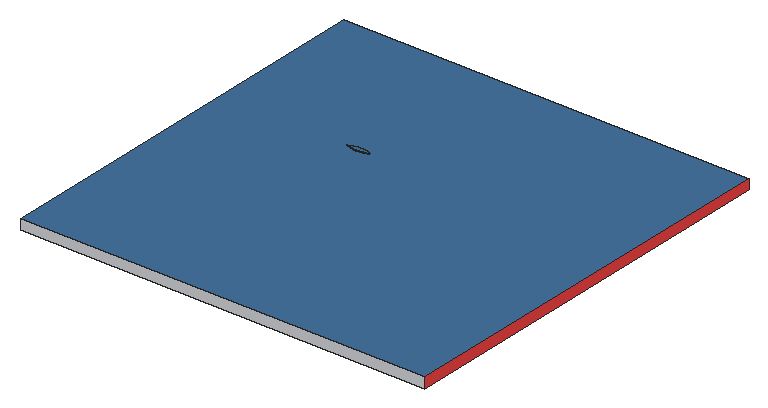
Revit family "PRESTO ARTE D (F)", category Aparatos sanitarios, Revit 2015
Parameters (values of type "55050")
  URL = "http://www.prestoiberica.com/ducha/temporizada-arte/presto-arte-d?c=es"
  Teléfono = "(+34) 915 782 575"
  TIPO DE AGUA = "Fria"
  REFERENCIA = "55050"
  Presión Máxima = ""
  PESO BRUTO = "0.716  Kg"
  Keynote = ""
  Modelo = "PRESTO ARTE D"
  Material = Presto Ibérica: LATON CROMADO
  Imagen de tipo = <Ninguno>
  Fabricante = "PRESTO IBÉRICA"
  Default Elevation = 1219.2 mm
  ENTRADA = "Macho y hembra 1/2\""
  Descripción = "Grifo temporizado de un agua para instalación empotrada con cuerpo de latón cromado y embellecedor plano."
  Código de montaje = "C1030220"
  Contacto = "info@prestoiberica.com"
  Conexión AF = yes
  Conexión AC = yes
  Comentarios de tipo = "◦Cabeza intercambiable que comprende todo el cuerpo del grifo\r\n◦Cuerpo y pulsador en latón cromado, piezas interiores en materiales resistentes a la corrosión y a las incrustaciones calcáreas\r\n◦Con placa intermedia de fijación, embellecedor en latón cromado y tornillería oculta"
  CIERRE = "Automático en 30 seg."
  CAUDAL = "15 L/Min"
  Accionamiento = "Por pulsador"
Reference planes
  plane 1 "Centro (Frontal/Posterior)": y = 0
  plane 2: z = 0
  plane 3 "Centro (Izquierda/Derecha)": x = 0
Forms (mm)
  Extrusion 1, solid
    sketch origin (0, 0, 0) x (1, 0, 0) y (0, 1, 0)
      loop
        line (-100, 100) -> (-100, -100) -> (100, -100) -> (100, 100) -> (-100, 100)
    from 0 to -5
  Extrusion 2, solid, material "Presto Ibérica: AGUA FRIA"
    sketch origin (0, 0, 28.7) x (0, -1, 0) y (1, 0, 0)
      loop
        arc (15.998, -5.853) -> (17.095, -0.173) -> (15.998, 5.506) r 15.242
        arc (15.998, 5.506) -> (14.778, -0.173) -> (15.998, -5.853) r 13.828
    from 0 to 0.2
Dimensions and locks
  aligned and locked: plane 2 to Extrusion 1
  aligned and locked: level to Extrusion 1
Connectors
  piping at (0, -37, -30.5), diameter 12.7
    settings: on import instance, index 1, connector inside diameter 609.6 mm, connector length 0 mm, flow factor 0, pipe flow 0.0 L/s, pressure drop 0.0 Pa, fitting loss kfactor 0, connector angle 0.00°, fixture units 0, engagement length 0 mm, angle of deflection 0.00°, flow configuration 0, flow direction 1, fitting loss method 0, system type 20, joint type 0, gender type 0, connector reference index -1, connector utility 0, adjustable connector no, is connector primary yes, connector description ""
